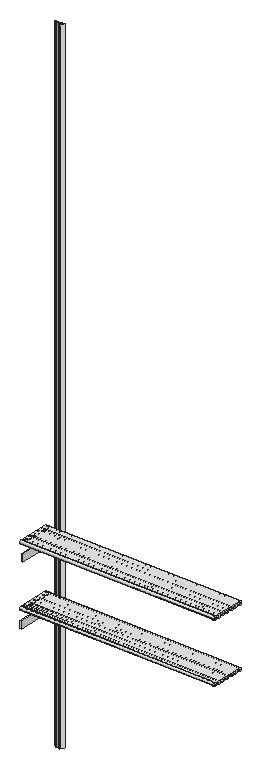
Revit family "Assmbly_SM-Standard_Rakks", category Specialty Equipment, Revit 2026
Family settings
  Round Connector Dimension = Use Diameter
  Part Type = Normal
  Classification Number = 23.40.50.31.11.14
  Work Plane-Based = No
  Enable Cutting in Views = No
  Always vertical = Yes
  Cut with Voids When Loaded = No
  Maintain Annotation Orientation = No
  Shared = Yes
  Room Calculation Point = No
Parameters
  Warranty Duration (Years) = 0
  Unit Height [instance] = 10' - 0"
  URL = "http://www.rakks.com/"
  Type Comments = "Universal and Aria Brackets may not be used with SQ Standards"
  Test Data = "http://www.rakks.com/pdfs/Rangine_Corporation_Leed_Statement.pdf"
  Pole Type [instance] = Standard-Wall-Mtd-SM_Rakks : Standard-Wall-Mtd-SM_Rakks
  Specification = "http://www.arcat.com/sdspecs/htm/10670rak.htm"
  Shelf Type [instance] = Shelf-SA-06_Rakks : Shelf-SA-06_Rakks
  Shelf Overhang = 0' - 2"
  Shelf Length [instance] = 3' - 0"
  Send Message = "http://www.arcat.com/users.pl?action=UserEmail&company=Rangine%20Corp.%20-%20Rakks&coid=35076&rep=116&fax=781-455-8702&mf="
  Sales Information = "http://store.rakks.com/"
  Revision = "R1_03-2010"
  Product Properties = "http://www.arcat.com/bim/bim_info.pl?fn=Shelving_Rakks"
  Product Data = "http://www.arcat.com/arcatcos/cos35/arc35076.html"
  Model = ""
  Material = Metal - Clear Anodized
  Manufacturer's Notes = "Aluminum Shelves may only be used with rectangular brackets"
  Manufacturer Website = "http://www.rakks.com/"
  Manufacturer Phone - Toll Free = "800-826-6006"
  Manufacturer Phone = "781-455-8700"
  Manufacturer Fax = "781-455-8702"
  Manufacturer Address = "330 Reservoir St., Needham, MA 02494"
  Manufacturer = "Rangine Corp. - Rakks"
  Maintenance Schedule (Months) = 0
  Keynote = "10 56 00"
  Installation-Fabrication = "http://www.rakks.com/literature/install.html"
  Installation Phase = ""
  Ht8 [instance] = 1' - 1"
  Ht7 [instance] = 1' - 1"
  Ht6 [instance] = 0' - 11 15/32"
  Ht5 [instance] = 0' - 10 25/32"
  Ht4 [instance] = 1' - 2"
  Ht3 [instance] = 1' - 4"
  Ht2 [instance] = 0' - 11"
  Ht1 [instance] = 2' - 0 3/4"
  Green Building-LEED = "http://www.arcat.com/green/clients/leed_data_35076.html"
  Expected Lifespan (Years) = 0
  Drawn By = "Robert S. Weygant, CSI, CDT, SCIP"
  Description = ""
  Default Elevation = 0' - 0"
  Copyright = "2010, ARCAT, Inc"
  Construction Details = "http://www.arcat.com/details/rangine/rangine.html?coid=35076"
  Capacity (Weight) = 0.00 lbf
  Building Codes = ""
  Brackets [instance] = 2
  Bracket Type [instance] = Bkt-Rectangular_Rakks : Bkt-Rectangular_Rakks
  Bracket Location = 0' - 0 3/8"
  Assembly Code = "E1010500"
  8Bkt [instance] = Brackets > 7  # no
  7Bkt [instance] = Brackets > 6  # no
  6Bkt [instance] = Brackets > 5  # no
  5Bkt [instance] = Brackets > 4  # no
  4Bkt [instance] = Brackets > 3  # no
  3Bkt [instance] = Brackets > 2  # no
  2Bkt [instance] = Brackets > 1  # yes
Reference planes (in)
  plane 1 "Center (Front/Back)": y = 0
  plane 2: z = 0
  plane 3 "Center (Left/Right)": x = 0
  plane 4: z = 120
  plane 5: y = -0.375
  plane 6: z = 24.75
  plane 7: z = 35.75
  plane 8: z = 51.75
  plane 9: z = 65.75
  plane 10: z = 76.53125
  plane 11: z = 88
  plane 12: x = 34
  plane 13: x = -2
  plane 14: x = 32
  plane 15: y = -0.75
  plane 16: z = 101
  plane 17: z = 114
Dimensions and locks (in)
  "Unit Height": plane 4 to plane 2
  "Bracket Location": plane 5 to plane 1 "Center (Front/Back)"
  "Ht1": plane 6 to plane 2
  "Ht2": plane 7 to plane 6
  "Ht3": plane 8 to plane 7
  "Ht4": plane 9 to plane 8
  "Ht5": plane 10 to plane 9
  "Ht6": plane 11 to plane 10
  "Shelf Overhang": plane 13 to plane 3 "Center (Left/Right)"
  "Shelf Overhang": plane 14 to plane 12
  "Shelf Length": plane 13 to plane 12
  locked: plane 15 to plane 1 "Center (Front/Back)" at 0.75
  "Ht7": plane 16 to plane 11
  "Ht8": plane 17 to plane 16
  aligned and locked: plane 3 "Center (Left/Right)" to nested 1
  aligned and locked: plane 1 "Center (Front/Back)" to nested 1
  aligned and locked: nested 2 to plane 3 "Center (Left/Right)"
  aligned and locked: nested 2 to plane 5
  aligned and locked: plane 6 to nested 2
  aligned and locked: plane 11 to nested 7
  aligned and locked: plane 10 to nested 6
  aligned and locked: plane 9 to nested 5
  aligned and locked: plane 8 to nested 4
  aligned and locked: plane 7 to nested 3
  aligned and locked: nested 8 to plane 15
  aligned and locked: plane 6 to nested 8
  aligned and locked: plane 11 to nested 13
  aligned and locked: plane 10 to nested 12
  aligned and locked: plane 9 to nested 11
  aligned and locked: plane 8 to nested 10
  aligned and locked: plane 7 to nested 9
  aligned and locked: nested 9 to plane 15
  aligned and locked: nested 10 to plane 15
  aligned and locked: nested 11 to plane 15
  aligned and locked: nested 12 to plane 15
  aligned and locked: nested 13 to plane 15
  aligned and locked: plane 13 to nested 13
  aligned and locked: plane 13 to nested 12
  aligned and locked: plane 13 to nested 11
  aligned and locked: plane 13 to nested 10
  aligned and locked: plane 13 to nested 9
  aligned and locked: plane 13 to nested 8
  aligned and locked: plane 16 to nested 14
  aligned and locked: nested 14 to plane 5
  aligned and locked: plane 17 to nested 15
  aligned and locked: nested 15 to plane 5
  aligned and locked: plane 3 "Center (Left/Right)" to nested 5
  aligned and locked: plane 3 "Center (Left/Right)" to nested 6
  aligned and locked: plane 3 "Center (Left/Right)" to nested 7
  aligned and locked: plane 3 "Center (Left/Right)" to nested 4
  aligned and locked: plane 3 "Center (Left/Right)" to nested 3
  aligned and locked: plane 16 to nested 16
  aligned and locked: plane 17 to nested 17
  aligned and locked: plane 13 to nested 17
  aligned and locked: plane 13 to nested 16
Nested families (in)
  nested 1: "Standard-Wall-Mtd-SM_Rakks" at (0, 0, 0), type <- "Pole Type", Unit Height <- "Unit Height", type "Standard-Wall-Mtd-SM_Rakks"
    with Unit Height 10' - 0"
  nested 2: "Bkt-Rectangular_Rakks" at (0, -0.375, 24.75), type <- "Bracket Type", type "Bkt-Rectangular_Rakks"
  nested 3: "Bkt-Rectangular_Rakks" at (0, -0.065, 35.75), type <- "Bracket Type", visible <- "2Bkt", type "Bkt-Rectangular_Rakks"
  nested 4: "Bkt-Rectangular_Rakks" at (0, -0.065, 51.75), type <- "Bracket Type", visible <- "3Bkt", type "Bkt-Rectangular_Rakks"
  nested 5: "Bkt-Rectangular_Rakks" at (0, -0.065, 65.75), type <- "Bracket Type", visible <- "4Bkt", type "Bkt-Rectangular_Rakks"
  nested 6: "Bkt-Rectangular_Rakks" at (0, -0.065, 76.53125), type <- "Bracket Type", visible <- "5Bkt", type "Bkt-Rectangular_Rakks"
  nested 7: "Bkt-Rectangular_Rakks" at (0, -0.065, 88), type <- "Bracket Type", visible <- "6Bkt", type "Bkt-Rectangular_Rakks"
  nested 8: "Shelf-SA-06_Rakks" at (16, -0.75, 24.75), Unit Width <- "Shelf Length", type <- "Shelf Type", type "Shelf-SA-06_Rakks"
    with Unit Width 3' - 0"
  nested 9: "Shelf-SA-06_Rakks" at (16, -0.75, 35.75), Unit Width <- "Shelf Length", type <- "Shelf Type", visible <- "2Bkt", type "Shelf-SA-06_Rakks"
    with Unit Width 3' - 0"
  nested 10: "Shelf-SA-06_Rakks" at (16, -0.75, 51.75), Unit Width <- "Shelf Length", type <- "Shelf Type", visible <- "3Bkt", type "Shelf-SA-06_Rakks"
    with Unit Width 3' - 0"
  nested 11: "Shelf-SA-06_Rakks" at (16, -0.75, 65.75), Unit Width <- "Shelf Length", type <- "Shelf Type", visible <- "4Bkt", type "Shelf-SA-06_Rakks"
    with Unit Width 3' - 0"
  nested 12: "Shelf-SA-06_Rakks" at (16, -0.75, 76.53125), Unit Width <- "Shelf Length", type <- "Shelf Type", visible <- "5Bkt", type "Shelf-SA-06_Rakks"
    with Unit Width 3' - 0"
  nested 13: "Shelf-SA-06_Rakks" at (16, -0.75, 88), Unit Width <- "Shelf Length", type <- "Shelf Type", visible <- "6Bkt", type "Shelf-SA-06_Rakks"
    with Unit Width 3' - 0"
  nested 14: "Bkt-Rectangular_Rakks" at (0, -0.375, 101), type <- "Bracket Type", visible <- "7Bkt", type "Bkt-Rectangular_Rakks"
  nested 15: "Bkt-Rectangular_Rakks" at (0, -0.375, 114), type <- "Bracket Type", visible <- "8Bkt", type "Bkt-Rectangular_Rakks"
  nested 16: "Shelf-SA-06_Rakks" at (16, -0.75, 101), Unit Width <- "Shelf Length", type <- "Shelf Type", visible <- "7Bkt", type "Shelf-SA-06_Rakks"
    with Unit Width 3' - 0"
  nested 17: "Shelf-SA-06_Rakks" at (16, -0.75, 114), Unit Width <- "Shelf Length", type <- "Shelf Type", visible <- "8Bkt", type "Shelf-SA-06_Rakks"
    with Unit Width 3' - 0"
Definition of nested family "Standard-Wall-Mtd-SM_Rakks"
  Parameters
    Warranty Duration (Years) = 0
    Unit Height [instance] = 8' - 0"
    URL = "http://www.rakks.com/"
    Test Data = "http://www.rakks.com/pdfs/Rangine_Corporation_Leed_Statement.pdf"
    Specification = "http://www.arcat.com/sdspecs/htm/10670rak.htm"
    Send Message = "http://www.arcat.com/users.pl?action=UserEmail&company=Rangine%20Corp.%20-%20Rakks&coid=35076&rep=116&fax=781-455-8702&mf="
    Sales Information = "http://store.rakks.com/"
    Revision = "R1_03-2010"
    Product Properties = "http://www.arcat.com/bim/bim_info.pl?fn=Shelving_Rakks"
    Product Data = "http://www.arcat.com/arcatcos/cos35/arc35076.html"
    Model = ""
    Material = none
    Manufacturer Website = "http://www.rakks.com/"
    Manufacturer Phone - Toll Free = "800-826-6006"
    Manufacturer Phone = "781-455-8700"
    Manufacturer Fax = "781-455-8702"
    Manufacturer Address = "330 Reservoir St., Needham, MA 02494"
    Manufacturer = "Rangine Corp. - Rakks"
    Maintenance Schedule (Months) = 0
    Keynote = "10 56 00"
    Installation-Fabrication = "http://www.rakks.com/literature/install.html"
    Installation Phase = ""
    Green Building-LEED = "http://www.arcat.com/green/clients/leed_data_35076.html"
    Expected Lifespan (Years) = 0
    Drawn By = "Robert S. Weygant, CSI, CDT, SCIP"
    Description = ""
    Default Elevation = 0' - 0"
    Copyright = "2010, ARCAT, Inc"
    Construction Details = "http://www.arcat.com/details/rangine/rangine.html?coid=35076"
    Capacity (Weight) = 0.00 lbf
    Building Codes = ""
    Assembly Code = "E1010500"
  Reference planes (in)
    plane 1 "Center (Front/Back)": y = 0
    plane 2: z = 0
    plane 3 "Center (Left/Right)": x = 0
    plane 4: z = 96
    plane 5: y = -0.535
  Forms (in)
    Extrusion 1, solid, material <- "Material"
      sketch origin (0, 0, 0) x (1, 0, 0) y (0, 1, 0)
        loop
          line (-0.35, 0) -> (-0.35, -0.38263)
          arc (-0.35, -0.38263) -> (-0.37136, -0.41486) -> (-0.40937, -0.40775) r 0.035
          line (-0.40937, -0.40775) -> (-0.82971, 0) -> (-0.90152, 0) -> (-0.35, -0.535) -> (-0.1875, -0.535)
          arc (-0.1875, -0.535) -> (-0.14, -0.4875) -> (-0.1875, -0.44) r 0.0475
          line (-0.1875, -0.44) -> (-0.3, -0.44) -> (-0.3, -0.09328) -> (0.3, -0.09328) -> (0.3, -0.44) -> (0.1875, -0.44)
          arc (0.1875, -0.44) -> (0.14, -0.4875) -> (0.1875, -0.535) r 0.0475
          line (0.1875, -0.535) -> (0.35, -0.535) -> (0.90152, 0) -> (0.82971, 0) -> (0.40937, -0.40775)
          arc (0.40937, -0.40775) -> (0.37136, -0.41486) -> (0.35, -0.38263) r 0.035
          line (0.35, -0.38263) -> (0.35, 0) -> (-0.35, 0)
      from 0 to 96
  Dimensions and locks (in)
    "Unit Height": plane 4 to plane 2
    aligned and locked: plane 4 to Extrusion 1
    aligned: plane 1 "Center (Front/Back)" to Extrusion 1 sketch curve
  Automatic sketch dimensions
    Extrusion 1 sketch curve to plane 1 "Center (Front/Back)" = 0' - 0"
    plane 1 "Center (Front/Back)" to Extrusion 1 sketch curve = 0' - 0"  (x2)
    Extrusion 1 sketch curve to plane 3 "Center (Left/Right)" = 0' - 0.90152"
    Extrusion 1 sketch curve to Extrusion 1 sketch curve = 0' - 0.07181"  (x2)
    Extrusion 1 sketch curve to Extrusion 1 sketch curve = 0' - 0.42034"  (x2)
    Extrusion 1 sketch curve to Extrusion 1 sketch curve = 0' - 0.02437"  (x2)
    Extrusion 1 sketch curve to Extrusion 1 sketch curve = 0' - 0.47971"
    Extrusion 1 sketch curve to Extrusion 1 sketch curve = 0' - 0.05937"
    Extrusion 1 sketch curve to Extrusion 1 sketch curve = 0' - 0.05"  (x3)
    Extrusion 1 sketch curve to Extrusion 1 sketch curve = 0' - 0.1125"  (x2)
    plane 3 "Center (Left/Right)" to Extrusion 1 sketch curve = 0' - 0 3/16"
    Extrusion 1 sketch curve to Extrusion 1 sketch curve = 0' - 0.035"
    Extrusion 1 sketch curve to Extrusion 1 sketch curve = 0' - 0.38263"  (x2)
    Extrusion 1 sketch curve to Extrusion 1 sketch curve = 0' - 0.05737"  (x2)
    Extrusion 1 sketch curve to Extrusion 1 sketch curve = 0' - 0.0475"  (x2)
    plane 1 "Center (Front/Back)" to Extrusion 1 sketch curve = 0' - 0.09328"
Definition of nested family "Bkt-Rectangular_Rakks"
  Parameters
    Warranty Duration (Years) = 0
    Unit Depth = 0' - 8 3/4"
    URL = "http://www.rakks.com/"
    Test Data = "http://www.rakks.com/pdfs/Rangine_Corporation_Leed_Statement.pdf"
    Specification = "http://www.arcat.com/sdspecs/htm/10670rak.htm"
    Send Message = "http://www.arcat.com/users.pl?action=UserEmail&company=Rangine%20Corp.%20-%20Rakks&coid=35076&rep=116&fax=781-455-8702&mf="
    Sales Information = "http://store.rakks.com/"
    Default Elevation = 0' - 0"
    Bracket Thickness = 0' - 0 1/4"
    Bracket Depth = 0' - 1 1/4"
    Revision = "R1_03-2010"
    Product Properties = "http://www.arcat.com/bim/bim_info.pl?fn=Shelving_Rakks"
    Product Data = "http://www.arcat.com/arcatcos/cos35/arc35076.html"
    Model = ""
    Material = none
    Manufacturer Website = "http://www.rakks.com/"
    Manufacturer Phone - Toll Free = "800-826-6006"
    Manufacturer Phone = "781-455-8700"
    Manufacturer Fax = "781-455-8702"
    Manufacturer Address = "330 Reservoir St., Needham, MA 02494"
    Manufacturer = "Rangine Corp. - Rakks"
    Maintenance Schedule (Months) = 0
    Keynote = "10 56 00"
    Installation-Fabrication = "http://www.rakks.com/literature/install.html"
    Installation Phase = ""
    Green Building-LEED = "http://www.arcat.com/green/clients/leed_data_35076.html"
    Expected Lifespan (Years) = 0
    Drawn By = "Robert S. Weygant, CSI, CDT, SCIP"
    Description = ""
    Copyright = "2010, ARCAT, Inc"
    Construction Details = "http://www.arcat.com/details/rangine/rangine.html?coid=35076"
    Capacity (Weight) = 0.00 lbf
    Building Codes = ""
    Assembly Code = "E1010500"
  Reference planes (in)
    plane 1 "Back": y = 0
    plane 2: z = 0
    plane 3 "Center (Left/Right)": x = 0
    plane 4: y = -8.75
    plane 5: z = -1.25
    plane 6: x = -0.125
    plane 7: x = 0.125
    plane 8 "Mounting Face": y = -0.75
  Forms (in)
    Extrusion 1, solid, material <- "Material"
      sketch origin (0, 0, -0.5821) x (0, 1, 0) y (0, 0, 1)
        loop
          line (-8.75, -0.6679) -> (0, -0.6679) -> (0, 0.3321) -> (-0.25, 0.5821) -> (-8.75, 0.5821) -> (-8.75, -0.6679)
      from -0.125 to 0.125
  Dimensions and locks (in)
    "Unit Depth": plane 1 "Back" to plane 4
    "Bracket Depth": level to plane 5
    equal spacing: plane 7, plane 3 "Center (Left/Right)", plane 6
    "Bracket Thickness": plane 7 to plane 6
    aligned and locked: Extrusion 1 to plane 6
    aligned and locked: plane 7 to Extrusion 1
  Automatic sketch dimensions
    Extrusion 1 sketch curve to plane 4 = 0' - 0"
    Extrusion 1 sketch curve to level = 0' - 0"
    Extrusion 1 sketch curve to plane 1 "Back" = 0' - 0"
    Extrusion 1 sketch curve to plane 5 = 0' - 0"
    plane 1 "Back" to Extrusion 1 sketch curve = 0' - 0 1/4"
    Extrusion 1 sketch curve to level = 0' - 0 1/4"
Definition of nested family "Shelf-SA-06_Rakks"
  Parameters
    Warranty Duration (Years) = 0
    Unit Width [instance] = 4' - 0"
    Unit Depth = 0' - 6"
    URL = "http://www.rakks.com/"
    Test Data = "http://www.rakks.com/pdfs/Rangine_Corporation_Leed_Statement.pdf"
    Specification = "http://www.arcat.com/sdspecs/htm/10670rak.htm"
    Send Message = "http://www.arcat.com/users.pl?action=UserEmail&company=Rangine%20Corp.%20-%20Rakks&coid=35076&rep=116&fax=781-455-8702&mf="
    Sales Information = "http://store.rakks.com/"
    Revision = "R1_03-2010"
    Product Properties = "http://www.arcat.com/bim/bim_info.pl?fn=Shelving_Rakks"
    Product Data = "http://www.arcat.com/arcatcos/cos35/arc35076.html"
    Model = ""
    Material = none
    Manufacturer Website = "http://www.rakks.com/"
    Manufacturer Phone - Toll Free = "800-826-6006"
    Manufacturer Phone = "781-455-8700"
    Manufacturer Fax = "781-455-8702"
    Manufacturer Address = "330 Reservoir St., Needham, MA 02494"
    Manufacturer = "Rangine Corp. - Rakks"
    Maintenance Schedule (Months) = 0
    Keynote = "10 56 00"
    Installation-Fabrication = "http://www.rakks.com/literature/install.html"
    Installation Phase = ""
    Green Building-LEED = "http://www.arcat.com/green/clients/leed_data_35076.html"
    Expected Lifespan (Years) = 0
    Drawn By = "Robert S. Weygant, CSI, CDT, SCIP"
    Description = ""
    Default Elevation = 0' - 0"
    Copyright = "2010, ARCAT, Inc"
    Construction Details = "http://www.arcat.com/details/rangine/rangine.html?coid=35076"
    Capacity (Weight) = 0.00 lbf
    Building Codes = ""
    Assembly Code = "E1010500"
  Reference planes (in)
    plane 1 "Back": y = 0
    plane 2: z = 0
    plane 3 "Center (Left/Right)": x = 0
    plane 4: x = -24
    plane 5: x = 24
  Forms (in)
    Extrusion 1, solid, material <- "Material"
      sketch origin (0, 0, 0) x (0, 1, 0) y (0, 0, 1)
        loop
          line (-2.85276, 0.505) -> (-2.08045, 0.505)
          arc (-2.08045, 0.505) -> (-2.00428, 0.26603) -> (-2.06375, 0.02237) r 0.4635
          arc (-2.06375, 0.02237) -> (-2.06363, 0.00743) -> (-2.05068, 0) r 0.015
          line (-2.05068, 0) -> (-1.89732, 0)
          arc (-1.89732, 0) -> (-1.88437, 0.00743) -> (-1.88425, 0.02237) r 0.015
          arc (-1.88425, 0.02237) -> (-1.94372, 0.26603) -> (-1.86755, 0.505) r 0.4635
          line (-1.86755, 0.505) -> (-1.09345, 0.505)
          arc (-1.09345, 0.505) -> (-1.01728, 0.26603) -> (-1.07675, 0.02237) r 0.4635
          arc (-1.07675, 0.02237) -> (-1.07663, 0.00743) -> (-1.06368, 0) r 0.015
          line (-1.06368, 0) -> (-0.91032, 0)
          arc (-0.91032, 0) -> (-0.89737, 0.00743) -> (-0.89725, 0.02237) r 0.015
          arc (-0.89725, 0.02237) -> (-0.95672, 0.26603) -> (-0.88055, 0.505) r 0.4635
          line (-0.88055, 0.505) -> (-0.12645, 0.505)
          arc (-0.12645, 0.505) -> (-0.05028, 0.26603) -> (-0.10975, 0.02237) r 0.4635
          arc (-0.10975, 0.02237) -> (-0.10963, 0.00743) -> (-0.09668, 0) r 0.015
          line (-0.09668, 0) -> (0, 0) -> (0, 0.5821) -> (-5.66274, 0.5821) -> (-5.68484, 0.56) -> (-5.71984, 0.56)
          arc (-5.71984, 0.56) -> (-5.99942, 0.29527) -> (-5.75033, 0.00167) r 0.28
          arc (-5.75033, 0.00167) -> (-5.72, 0.02601) -> (-5.74434, 0.05634) r 0.0275
          arc (-5.74434, 0.05634) -> (-5.9445, 0.29227) -> (-5.71984, 0.505) r 0.225
          line (-5.71984, 0.505) -> (-5.04324, 0.505)
          arc (-5.04324, 0.505) -> (-4.96534, 0.26495) -> (-5.02475, 0.01967) r 0.4635
          arc (-5.02475, 0.01967) -> (-5.02463, 0.00474) -> (-5.01168, -0.00269) r 0.015
          line (-5.01168, -0.00269) -> (-4.85832, -0.00269)
          arc (-4.85832, -0.00269) -> (-4.84537, 0.00474) -> (-4.84525, 0.01967) r 0.015
          arc (-4.84525, 0.01967) -> (-4.90466, 0.26495) -> (-4.82676, 0.505) r 0.4635
          line (-4.82676, 0.505) -> (-4.05624, 0.505)
          arc (-4.05624, 0.505) -> (-3.97834, 0.26495) -> (-4.03775, 0.01967) r 0.4635
          arc (-4.03775, 0.01967) -> (-4.03763, 0.00474) -> (-4.02468, -0.00269) r 0.015
          line (-4.02468, -0.00269) -> (-3.87132, -0.00269)
          arc (-3.87132, -0.00269) -> (-3.85837, 0.00474) -> (-3.85825, 0.01967) r 0.015
          arc (-3.85825, 0.01967) -> (-3.91766, 0.26495) -> (-3.83976, 0.505) r 0.4635
          line (-3.83976, 0.505) -> (-3.06924, 0.505)
          arc (-3.06924, 0.505) -> (-2.99134, 0.26495) -> (-3.05075, 0.01967) r 0.4635
          arc (-3.05075, 0.01967) -> (-3.05063, 0.00474) -> (-3.03768, -0.00269) r 0.015
          line (-3.03768, -0.00269) -> (-2.88432, -0.00269)
          arc (-2.88432, -0.00269) -> (-2.87137, 0.00474) -> (-2.87125, 0.01967) r 0.015
          arc (-2.87125, 0.01967) -> (-2.93066, 0.26495) -> (-2.85276, 0.505) r 0.4635
      from -24 to 24
  Dimensions and locks (in)
    equal spacing: plane 4, plane 3 "Center (Left/Right)", plane 5
    "Unit Width": plane 4 to plane 5
    aligned and locked: Extrusion 1 to plane 4
    aligned and locked: plane 5 to Extrusion 1
  Automatic sketch dimensions
    Extrusion 1 sketch curve to Extrusion 1 sketch curve = 0' - 0"  (x27)
    Extrusion 1 sketch curve to plane 1 "Back" = 0' - 0"
    level to Extrusion 1 sketch curve = 0' - 0.015"
    plane 1 "Back" to Extrusion 1 sketch curve = 0' - 0.09668"
    Extrusion 1 sketch curve to Extrusion 1 sketch curve = 0' - 0.01307"  (x10)
    plane 1 "Back" to Extrusion 1 sketch curve = 0' - 0.12645"
    Extrusion 1 sketch curve to Extrusion 1 sketch curve = 0' - 0.38375"  (x2)
    Extrusion 1 sketch curve to Extrusion 1 sketch curve = 0' - 0.02"
    Extrusion 1 sketch curve to Extrusion 1 sketch curve = 0' - 0.36705"
    level to Extrusion 1 sketch curve = 0' - 0.02237"  (x2)
    Extrusion 1 sketch curve to Extrusion 1 sketch curve = 0' - 0.15336"  (x5)
    Extrusion 1 sketch curve to Extrusion 1 sketch curve = 0' - 0.2129"  (x2)
    level to Extrusion 1 sketch curve = 0' - 0 1/4"
    Extrusion 1 sketch curve to Extrusion 1 sketch curve = 0' - 0.40375"  (x2)
    Extrusion 1 sketch curve to Extrusion 1 sketch curve = 0' - 0.38705"  (x2)
    Extrusion 1 sketch curve to Extrusion 1 sketch curve = 0' - 0.38526"  (x2)
    level to Extrusion 1 sketch curve = 0' - 0.5821"
    level to Extrusion 1 sketch curve = 0' - 0.56"
    Extrusion 1 sketch curve to Extrusion 1 sketch curve = 0' - 0.0221"
    Extrusion 1 sketch curve to Extrusion 1 sketch curve = 0' - 0.0245"
    Extrusion 1 sketch curve to Extrusion 1 sketch curve = 0' - 0.003"
    Extrusion 1 sketch curve to Extrusion 1 sketch curve = 0' - 0.21648"  (x2)
    Extrusion 1 sketch curve to Extrusion 1 sketch curve = 0' - 0.035"
    Extrusion 1 sketch curve to Extrusion 1 sketch curve = 0' - 0.015"  (x4)
    Extrusion 1 sketch curve to Extrusion 1 sketch curve = 0' - 0.23033"
    Extrusion 1 sketch curve to Extrusion 1 sketch curve = 0' - 0.00269"
    Extrusion 1 sketch curve to Extrusion 1 sketch curve = 0' - 0.00737"  (x3)
    level to Extrusion 1 sketch curve = 0' - 0.505"  (x3)
    level to Extrusion 1 sketch curve = 0' - 0.24731"
    Extrusion 1 sketch curve to Extrusion 1 sketch curve = 0' - 0.29134"
    Extrusion 1 sketch curve to Extrusion 1 sketch curve = 0' - 0.24564"
